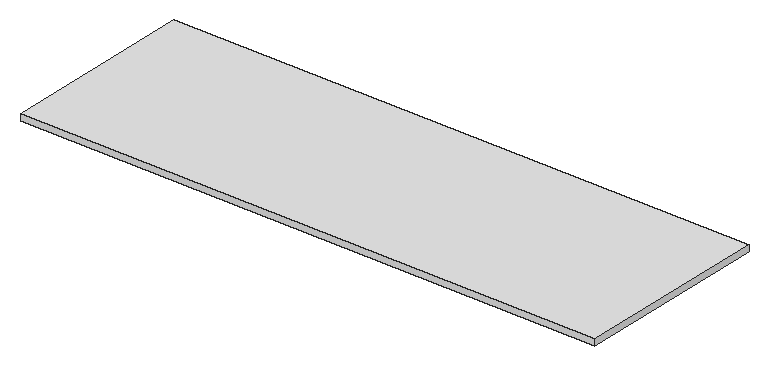
Revit family "5-SHEET-CADS-26-1-1-2-X-4-4-REVIT_Versatex-Generic-Model-1-1-2in-x-48in-SHEET", category Generic Models, host Face, Revit 2024
Family settings
  Host = Face
  Can host rebar = No
  Round Connector Dimension = Use Diameter
  Part Type = Normal
  Cut with Voids When Loaded = No
  Maintain Annotation Orientation = No
  Shared = No
  Room Calculation Point = No
Parameters
  Warranty = "https://versatex.com/warranty/"
  URL = "https://versatex.com/"
  Specification = "https://www.arcat.com/company/versatex-45716/spec?coid=45716"
  Sheet Length [instance] = 12' - 0"
  Sales Information = "https://versatex.com/dealer-locator/"
  Rotation [instance] = 0.00°
  Model = "SHSM01504808"
  Min_Length [instance] = 1' - 0"
  Message Manufacturer = "https://versatex.com/contact/"
  Max_Length [instance] = 20' - 0"
  Material = Versatex PVC - Smooth
  Manufacturer Website = "https://versatex.com/"
  Manufacturer Phone = "724-857-1111"
  Manufacturer Fax = "724-857-1171"
  Manufacturer Address = "400 Steel Street, Aliquippa, PA 15001"
  Manufacturer = "Versatex"
  Literature = "https://versatex.com/literature/?_sft_literature_category=cads"
  Length [instance] = if(Sheet Length < Min_Length, Min_Length, if(Sheet Length > Max_Length, Max_Length, Sheet Length))  # 12' - 0"
  Description = "1-1/2\" X 48\" SHEET"
  Default Elevation = 4' - 0"
  Copyright = "© 2024 VERSATEX Building Products, LLC"
Reference planes (in)
  plane 1 "Center (Front/Back)": y = 0
  plane 2: z = 0
  plane 3 "Center (Left/Right)": x = 0
Forms (in)
  Sweep 1, solid, material "Versatex PVC - Smooth" <- "Material"
    path origin (-24, 0, 0) x (1, 0, 0) y (0, 1, 0)
      loop
        line (-48, 0) -> (96, 0)
    profile "Versatex_Profile_1 1-2” x 48” SHEET : Versatex_Profile_1 1-2” x 48” SHEET" origin (0, 0, 0) x (0, 1, 0) y (0, 0, 1)
      loop
        line (-24, 1.5) -> (-24, 0) -> (24, 0) -> (24, 1.5) -> (-24, 1.5)
Dimensions and locks (in)
  host sketch curve to host sketch curve = 12' - 0"
  "Length": Sweep 1 sketch curve to Sweep 1 sketch curve
  equal spacing: Sweep 1, plane 3 "Center (Left/Right)", Sweep 1, locked at 72 each
  "Rotation": angle plane 1 "Center (Front/Back)" to Sweep 1 sketch curve
  aligned and locked: host face to plane 2
  aligned and locked: host face to level
Automatic sketch dimensions
  host sketch curve to host sketch curve = 30' - 0"
  plane 1 "Center (Front/Back)" to Sweep 1 sketch curve = 0' - 0"
  Sweep 1 sketch curve to plane 3 "Center (Left/Right)" = 6' - 0"
